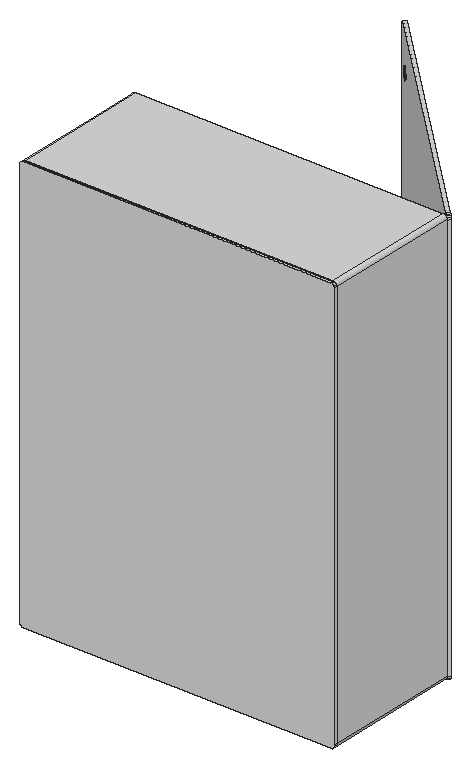
Revit family "Building-SurfaceMountingEnclosures-GEWISS-46QM-DISTRIBUTION-BOARD-METAL_BLANK_DOOR", category Attrezzatura elettrica, host Muro, Revit 2016
Family settings
  Host = Muro
  Configurazione quadro = Due colonne, circuiti in orizzontale
  Tipo di parte = Pannello comandi
  Quota connettore circolare = Usa diametro
  Numero OmniClass = 23.80.30.11.17
  Titolo OmniClass = Distribution Boards and Control Panels
  Sempre verticale = Sì
  Taglio con vuoti quando caricato = No
  Condiviso = No
  Punto di calcolo locali = Sì
Parameters (values of type "GW46037 - WT. METAL BOARD  300X250X160 WIND. DOOR")
  Vista di pianta [instance] = yes
  Version file RFA = "18.0"
  URL = "https://www.gewiss.com/ww/en"
  Type of material = "Metal"
  Type of door = "Blank door"
  Technical sheet = "https://www.gewiss.com/ww/en/search?q=GW46037"
  Struttura quadro = GEWISS - LAMIERA
  Standard. = "EN 61439-1, EN 61439-2, EN62208, EN 60670-1, IEC 60670-24"
  Standard = "EN 61439-1, EN 61439-2, EN62208, EN 60670-1, IEC 60670-24"
  Sportello visibile [instance] = yes
  Spessore quadro = 350 mm
  Simbolo [instance] = yes
  Shock resistance = "IK10"
  SEO = "Board"
  Realized by GEWISS S.p.A. = ""
  Rated impulse withstand voltage = "690V"
  Produttore = "GEWISS S.p.A."
  Potenza quadro = 0 V
  Porta = GEWISS - Pannello cieco : 2 FORI
  Pannello = GEWISS - LAMIERA
  Operating temperature = "-25 +60 °C"
  Offset etichetta nome quadro [instance] = 685.076 mm
  Nominal dim. LxHxD (mm) = "800x1060x350"
  No. of modules EN 50022: = "180 (36x5)"
  No. of modules EN 50022 = "180 (36x5)"
  No. locks = "2"
  Modello = "GW46037"
  Maximum rated insulation voltage (Ue) = "690V"
  Material = "Sheet metal from 10/10 to 15/10, painted with epoxy-polyester powders"
  Maniglia visibile [instance] = yes
  Maniglia = GEWISS - NERO
  Larghezza quadro = 800 mm
  Insulation class = "Pre-arranged with earth terminal"
  Immagine tipo = GW46031.jpg
  IP degree = "IP55"
  IFC.TypeObject = ""
  IFC.ExportType = ""
  IFC.ExportAs = ""
  IDT = "6d9352d4-07a1-4099-918e-6df1052fd717"
  IDF = "6b9134a9-f5c6-4a14-8865-2a8867cc3add"
  H_quadro = 1060 mm
  H_da terra = 500 mm
  Glow Wire Test = "650°C"
  GW - NOME QUADRO [instance] = "NOME QUADRO"
  GEWISS SCHEDA TECNICA = "http://pro.gewiss.com/irj/portal/?NavigationTarget=pcd:portal_content/com.gewiss.ZPPFDMain/com.gewiss.ZPPFDITMain/com.gewiss.ZPPFDITMainDefault/com.gewiss.ZPPFDITPages/com.gewiss.ZPPFDITPagesAP/com.gewiss.ZPPFDITPagesAPCatalogo/com.gewiss.ZPPPDITAPProductDetail&codProd=GW46037"
  Functional dim. LxHxD (mm) = "800x1060x350"
  Fast & Easy = "Yes"
  Family = "46 QM"
  Etichetta nome quadro [instance] = yes
  Electrocod = "0320"
  EAN code = "8011564096875"
  Distanza_fori = 100 mm
  Distanza orizzontale del simbolo [instance] = 887.355 mm
  Distanza dal muro [instance] = 4.208 mm
  Dispersible power B (W) = "284"
  Dispersible power A (W) = "400"
  Descrizione = "WT. METAL BOARD  300X250X160 WIND. DOOR"
  Cornice simbolo [instance] = yes
  Colour = "Grey RAL 7035"
  Classificazione carico = Other
  Catalogue Range = "46 QM"
  Catalogue = "BUILDING"
  Carico Apparente = 0 VA
  COBie.Tagnumber = ""
  COBie.CreatedOn = ""
  COBie.CreatebBy = ""
  COBie.ComponentRegisterItemID = ""
  COBie.Component.TagNumber = ""
  COBie.Component.Space = ""
  COBie.Component.SerialNumber = ""
  COBie.Component.InstallationDate = ""
  COBie.Component.Description = ""
  COBie.Component.BarCode = ""
  Bidimensionale = 2D - CEP QUADRI STAGNI GWPLAST IP55 : 2 fori
  Application = "For indoor use"
  Apertura quadro [instance] = 45.00°
  Angolo di apertura reale [instance] = if(Apertura quadro < 0.00°, 0.00°, if(Apertura quadro > 180.00°, 180.00°, Apertura quadro))  # 45.00°
Types (7, lengths in mm): name | Technical sheet | Spessore quadro | Porta | Nominal dim. LxHxD (mm) | No. of modules EN 50022: | No. of modules EN 50022 | No. locks | Modello | Material | Larghezza quadro | IDT | H_quadro | GEWISS SCHEDA TECNICA | Functional dim. LxHxD (mm) | EAN code | Dispersible power B (W) | Dispersible power A (W) | Descrizione | Bidimensionale
  GW46031 - WT. METAL BOARD  300X250X160 BLANK DOOR | "https://www.gewiss.com/ww/en/search?q=GW46031" | 160 | GEWISS - Pannello cieco : 1 FORO | "250x300x160" | "" | "" | "1" | "GW46031" | "Sheet metal from 10/10 to 15/10, painted with epoxy-polyester powders" | 250 | "7965e0a7-b1c8-4eba-b8fe-012f0fae0d4b" | 300 | "http://pro.gewiss.com/irj/portal/?NavigationTarget=pcd:portal_content/com.gewiss.ZPPFDMain/com.gewiss.ZPPFDITMain/com.gewiss.ZPPFDITMainDefault/com.gewiss.ZPPFDITPages/com.gewiss.ZPPFDITPagesAP/com.gewiss.ZPPFDITPagesAPCatalogo/com.gewiss.ZPPPDITAPProductDetail&codProd=GW46031" | "250x300x160" | "8011564096813" | "-" | "49" | "WT. METAL BOARD  300X250X160 BLANK DOOR" | 2D - CEP QUADRI STAGNI GWPLAST IP55 : 1 foro
  GW46032 - WT. METAL BOARD  310X425X160 BLANK DOOR | "https://www.gewiss.com/ww/en/search?q=GW46032" | 160 | GEWISS - Pannello cieco : 2 FORI | "310x425x160" | "36 (12x3)" | "36 (12x3)" | "2" | "GW46032" | "Sheet metal from 10/10 to 15/10, painted with epoxy-polyester powders" | 313 | "3a63fe67-9331-4b20-a786-687445963cc0" | 424 | "http://pro.gewiss.com/irj/portal/?NavigationTarget=pcd:portal_content/com.gewiss.ZPPFDMain/com.gewiss.ZPPFDITMain/com.gewiss.ZPPFDITMainDefault/com.gewiss.ZPPFDITPages/com.gewiss.ZPPFDITPagesAP/com.gewiss.ZPPFDITPagesAPCatalogo/com.gewiss.ZPPPDITAPProductDetail&codProd=GW46032" | "310x425x160" | "8011564096820" | "58" | "70" | "WT. METAL BOARD  310X425X160 BLANK DOOR" | 2D - CEP QUADRI STAGNI GWPLAST IP55 : 2 fori
  GW46033 - WT. METAL BOARD  405X500X200 BLANK DOOR | "https://www.gewiss.com/ww/en/search?q=GW46033" | 200 | GEWISS - Pannello cieco : 2 FORI | "405x500x200" | "54 (18x3)" | "54 (18x3)" | "2" | "GW46033" | "Sheet metal from 10/10 to 15/10, painted with epoxy-polyester powders" | 405 | "0b8ae83f-1f25-4f38-be6c-835699ba7796" | 500 | "http://pro.gewiss.com/irj/portal/?NavigationTarget=pcd:portal_content/com.gewiss.ZPPFDMain/com.gewiss.ZPPFDITMain/com.gewiss.ZPPFDITMainDefault/com.gewiss.ZPPFDITPages/com.gewiss.ZPPFDITPagesAP/com.gewiss.ZPPFDITPagesAPCatalogo/com.gewiss.ZPPPDITAPProductDetail&codProd=GW46033" | "405x500x200" | "8011564096837" | "80" | "106" | "WT. METAL BOARD  405X500X200 BLANK DOOR" | 2D - CEP QUADRI STAGNI GWPLAST IP55 : 2 fori
  GW46034 - WT. METAL BOARD  405X650X200 BLANK DOOR | "https://www.gewiss.com/ww/en/search?q=GW46034" | 200 | GEWISS - Pannello cieco : 2 FORI | "405x650x200" | "72 (18x4)" | "72 (18x4)" | "2" | "GW46034" | "Sheet metal from 10/10 to 15/10, painted with epoxy-polyester powders" | 405 | "4385887b-b796-42d5-8fcc-31ae71932160" | 600 | "http://pro.gewiss.com/irj/portal/?NavigationTarget=pcd:portal_content/com.gewiss.ZPPFDMain/com.gewiss.ZPPFDITMain/com.gewiss.ZPPFDITMainDefault/com.gewiss.ZPPFDITPages/com.gewiss.ZPPFDITPagesAP/com.gewiss.ZPPFDITPagesAPCatalogo/com.gewiss.ZPPPDITAPProductDetail&codProd=GW46034" | "405x650x200" | "8011564096844" | "97" | "135" | "WT. METAL BOARD  405X650X200 BLANK DOOR" | 2D - CEP QUADRI STAGNI GWPLAST IP55 : 2 fori
  GW46035 - WT. METAL BOARD  515X650X250 BLANK DOOR | "https://www.gewiss.com/ww/en/search?q=GW46035" | 250 | GEWISS - Pannello cieco : 2 FORI | "515x650x250" | "96 (24x4)" | "96 (24x4)" | "2" | "GW46035" | "Pre-arranged with earth terminal" | 515 | "0d3f7547-9a36-4516-b49a-73c71ef4960c" | 650 | "http://pro.gewiss.com/irj/portal/?NavigationTarget=pcd:portal_content/com.gewiss.ZPPFDMain/com.gewiss.ZPPFDITMain/com.gewiss.ZPPFDITMainDefault/com.gewiss.ZPPFDITPages/com.gewiss.ZPPFDITPagesAP/com.gewiss.ZPPFDITPagesAPCatalogo/com.gewiss.ZPPPDITAPProductDetail&codProd=GW46035" | "515x650x250" | "8011564096851" | "115" | "180" | "WT. METAL BOARD  515X650X250 BLANK DOOR" | 2D - CEP QUADRI STAGNI GWPLAST IP55 : 2 fori
  GW46036 - WT. METAL BOARD  585X800X300 BLANK DOOR | "https://www.gewiss.com/ww/en/search?q=GW46036" | 300 | GEWISS - Pannello cieco : 2 FORI | "585x800x300" | "140 (28x5)" | "140 (28x5)" | "2" | "GW46036" | "Sheet metal from 10/10 to 15/10, painted with epoxy-polyester powders" | 585 | "917e6349-ae0b-4624-8442-06130f2caa1d" | 800 | "http://pro.gewiss.com/irj/portal/?NavigationTarget=pcd:portal_content/com.gewiss.ZPPFDMain/com.gewiss.ZPPFDITMain/com.gewiss.ZPPFDITMainDefault/com.gewiss.ZPPFDITPages/com.gewiss.ZPPFDITPagesAP/com.gewiss.ZPPFDITPagesAPCatalogo/com.gewiss.ZPPPDITAPProductDetail&codProd=GW46036" | "585x800x300" | "8011564096868" | "159" | "240" | "WT. METAL BOARD  585X800X300 BLANK DOOR" | 2D - CEP QUADRI STAGNI GWPLAST IP55 : 2 fori
  GW46037 - WT. METAL BOARD  300X250X160 WIND. DOOR | "https://www.gewiss.com/ww/en/search?q=GW46037" | 350 | GEWISS - Pannello cieco : 2 FORI | "800x1060x350" | "180 (36x5)" | "180 (36x5)" | "2" | "GW46037" | "Sheet metal from 10/10 to 15/10, painted with epoxy-polyester powders" | 800 | "6d9352d4-07a1-4099-918e-6df1052fd717" | 1060 | "http://pro.gewiss.com/irj/portal/?NavigationTarget=pcd:portal_content/com.gewiss.ZPPFDMain/com.gewiss.ZPPFDITMain/com.gewiss.ZPPFDITMainDefault/com.gewiss.ZPPFDITPages/com.gewiss.ZPPFDITPagesAP/com.gewiss.ZPPFDITPagesAPCatalogo/com.gewiss.ZPPPDITAPProductDetail&codProd=GW46037" | "800x1060x350" | "8011564096875" | "284" | "400" | "WT. METAL BOARD  300X250X160 WIND. DOOR" | 2D - CEP QUADRI STAGNI GWPLAST IP55 : 2 fori
Reference planes
  plane 1 "Muro": y = 0
  plane 2 "Centro (Sinistra/Destra)": x = 125
  plane 3 "Indietro": y = 75
  plane 4 "SX": x = -275
  plane 5 "DX": x = 525
  plane 6: y = 431
  plane 7 "Base quadro": z = 500
  plane 8: z = 1560
  plane 9: y = 81
  plane 10: z = 1030
  plane 11: x = -1162.355
  plane 12: y = 760.076
Forms (mm)
  Extrusion 1, solid, material "GEWISS - LAMIERA" <- "Struttura quadro"
    sketch origin (0, 0, 0) x (1, 0, 0) y (0, 0, 1)
      loop
        line (515.613, 1560) -> (-265.613, 1560)
        arc (-265.613, 1560) -> (-272.251, 1557.251) -> (-275, 1550.613) r 9.387
        line (-275, 1550.613) -> (-275, 509.387)
        arc (-275, 509.387) -> (-272.251, 502.749) -> (-265.613, 500) r 9.387
        line (-265.613, 500) -> (515.613, 500)
        arc (515.613, 500) -> (522.251, 502.749) -> (525, 509.387) r 9.387
        line (525, 509.387) -> (525, 1550.613)
        arc (525, 1550.613) -> (522.251, 1557.251) -> (515.613, 1560) r 9.387
      loop
        line (499.613, 1540) -> (-249.613, 1540)
        arc (-249.613, 1540) -> (-253.422, 1538.422) -> (-255, 1534.613) r 5.387
        line (-255, 1534.613) -> (-255, 525.387)
        arc (-255, 525.387) -> (-253.422, 521.578) -> (-249.613, 520) r 5.387
        line (-249.613, 520) -> (499.613, 520)
        arc (499.613, 520) -> (503.422, 521.578) -> (505, 525.387) r 5.387
        line (505, 525.387) -> (505, 1534.613)
        arc (505, 1534.613) -> (503.422, 1538.422) -> (499.613, 1540) r 5.387
    from -431 to -81
  Extrusion 2, solid, material "GEWISS - LAMIERA" <- "Pannello"
    sketch origin (0, 0, 0) x (1, 0, 0) y (0, 0, 1)
      loop
        arc (-265.613, 1560) -> (-272.251, 1557.251) -> (-275, 1550.613) r 9.387
        line (-275, 1550.613) -> (-275, 509.387)
        arc (-275, 509.387) -> (-272.251, 502.749) -> (-265.613, 500) r 9.387
        line (-265.613, 500) -> (515.613, 500)
        arc (515.613, 500) -> (522.251, 502.749) -> (525, 509.387) r 9.387
        line (525, 509.387) -> (525, 1550.613)
        arc (525, 1550.613) -> (522.251, 1557.251) -> (515.613, 1560) r 9.387
        line (515.613, 1560) -> (-265.613, 1560)
    from -81 to -75
Lines and regions (mm)
  Masking region 1, visible <- "Vista di pianta"
    outline origin (-33, 241, 0) x (0.984808, 0.173648, 0) y (-0.173648, 0.984808, 0)
      loop
        line (520.697, -260.374) -> (582.516, 90.218) -> (-205.33, 229.136) -> (-267.149, -121.455) -> (520.697, -260.374)
  Masking region 2
    outline origin (125, 0, 0) x (0, 1, 0) y (0, 0, 1)
      loop
        line (75, 500) -> (431, 500) -> (431, 1560) -> (75, 1560) -> (75, 500)
  Masking region 3, visible <- "Vista di pianta"
    outline origin (58.192, 267.308, 0) x (0.984808, 0.173648, 0) y (-0.173648, 0.984808, 0)
      loop
        line (494.694, 84.733) -> (35.833, 740.055) -> (29.28, 735.466) -> (488.141, 80.145) -> (494.694, 84.733)
  Masking region 4, visible <- "Vista di pianta", not visible
    outline origin (-16.308, 224.308, 0) x (0.984808, 0.173648, 0) y (-0.173648, 0.984808, 0)
      loop
        line (103.699, 200.786) -> (247.093, -4.002) -> (253.646, 0.586) -> (110.252, 205.374) -> (103.699, 200.786)
  reference lines
    curve 1: line (525, 431, 0) -> (242.157, 713.843, 0)
Text (mm)
  text "Lato posizionamento" at (-2540.362, 1733.729, 0), in view "Livello rif."
  text "Lato posizionamento" at (0, 1409.804, 2854.306), in view "Sinistra"
  text "Lato posizionamento" at (0, 499.811, 2980.732), in view "Destra"
Dimensions and locks
  locked: plane 3 "Indietro" to host wall
  "H_da terra": level to plane 7 "Base quadro"
  "H_quadro": plane 7 "Base quadro" to plane 8
  locked: plane 9 to host wall at 6
  "Spessore quadro": plane 6 to plane 9
  equal spacing: plane 7 "Base quadro", plane 10, plane 8
  "Larghezza quadro": plane 4 "SX" to plane 5 "DX"
  "Distanza orizzontale del simbolo": plane 11 to plane 4 "SX"
  "Offset etichetta nome quadro": plane 12 to plane 3 "Indietro"
  equal spacing: plane 4 "SX", plane 2 "Centro (Sinistra/Destra)", plane 5 "DX"
  locked: Extrusion 1 sketch curve to Extrusion 1 sketch curve at 20  (x4)
  "Apertura quadro": angle curve 1 to plane 6
  aligned and locked: plane 1 "Muro" to host wall
  aligned and locked: plane 8 to Extrusion 1 sketch curve
  aligned and locked: plane 5 "DX" to Extrusion 1 sketch curve
  aligned and locked: Extrusion 1 sketch curve to plane 7 "Base quadro"
  aligned and locked: Extrusion 1 sketch curve to plane 4 "SX"
  aligned and locked: plane 6 to Extrusion 1
  aligned and locked: Extrusion 1 to plane 9
  aligned and locked: plane 9 to Extrusion 2
  aligned and locked: Extrusion 2 to host wall
  aligned and locked: nested 2 to plane 12
  aligned and locked: plane 11 to nested 3
  aligned and locked: Masking region 1 sketch curve to plane 6
  aligned and locked: Masking region 1 sketch curve to plane 3 "Indietro"
  aligned and locked: Masking region 1 sketch curve to plane 5 "DX"
  aligned and locked: plane 4 "SX" to Masking region 1 sketch curve
  aligned and locked: Masking region 2 sketch curve to Extrusion 2
  aligned and locked: Masking region 2 sketch curve to Extrusion 1  (x2)
  aligned and locked: nested 4 to plane 10
  aligned and locked: plane 5 "DX" to nested 4
  aligned and locked: plane 7 "Base quadro" to nested 1
  aligned and locked: plane 6 to Masking region 1  (x2)
  aligned and locked: Extrusion 2 sketch curve to Extrusion 1  (x4)
  aligned and locked: plane 2 "Centro (Sinistra/Destra)" to nested 2
  aligned and locked: plane 5 "DX" to curve 1
  aligned and locked: nested 1 to curve 1  (x2)
  aligned and locked: Masking region 3 sketch curve to nested 1
Automatic sketch dimensions
  Extrusion 1 sketch curve to Extrusion 1 sketch curve = 5.387 mm  (x3)
  Extrusion 1 sketch curve to Extrusion 1 sketch curve = 10.613 mm
  Extrusion 1 sketch curve to Extrusion 1 sketch curve = 16 mm  (x4)
  Extrusion 2 sketch curve to Extrusion 2 sketch curve = 9.387 mm  (x2)
  Extrusion 2 sketch curve to plane 5 "DX" = 9.387 mm  (x2)
  Masking region 2 sketch curve to plane 7 "Base quadro" = 0 mm
  Masking region 4 sketch curve to Masking region 4 sketch curve = 6.553 mm
  Masking region 4 sketch curve to Masking region 4 sketch curve = 143.394 mm
  Masking region 4 sketch curve to Masking region 4 sketch curve = 4.589 mm
  Masking region 3 sketch curve to plane 5 "DX" = 0 mm
  Masking region 3 sketch curve to plane 6 = 0 mm
  Masking region 3 sketch curve to Masking region 3 sketch curve = 4.589 mm
  curve 1 to plane 6 = 0 mm
Nested families
  nested 1: "GEWISS - Pannello cieco" at (242.157, 713.843, 104) x (0.7071, -0.7071, 0) z (0, 0, 1), visible <- "Sportello visibile", H_pannello <- "H_quadro", Larghezza pannello <- "Larghezza quadro", type <- "Porta", type "2 FORI"
    with Larghezza pannello 800 mm, H_pannello 1060 mm
  nested 2: "NOME QUADRO" at (125, 760.076, 0), TXT <- "GW - NOME QUADRO", visible <- "Etichetta nome quadro", type "NOME QUADRO"
    with TXT "NOME QUADRO"
  nested 3: "QUADRILAN" at (-1162.355, 75, 0), Distanza dal muro <- "Distanza dal muro", BORDO ACCESO <- "Cornice simbolo", SIMBOLO ACCESO <- "Simbolo", type "QUADRILAN"
    with SIMBOLO ACCESO yes, Distanza dal muro 4.208 mm, BORDO ACCESO yes
  nested 4: "2D - CEP QUADRI STAGNI GWPLAST IP55" at (125, 0, 1030) x (-1, 0, 0) z (0, -1, 0), Altezza <- "H_quadro", Larghezza <- "Larghezza quadro", type <- "Bidimensionale", type "2 fori"
    with Larghezza 800 mm, Altezza 1060 mm
  nested 5: "GEWISS - Pannello cieco" at (139.338, 351.662, 104) x (0.7071, -0.7071, 0) z (0, 0, 1), visible <- "Sportello visibile", H_pannello <- "H_quadro", Larghezza pannello <- "Larghezza quadro", type <- "Porta", type "2 FORI", not visible
    with Larghezza pannello 800 mm, H_pannello 1060 mm
Connectors
  electrical at (125, 256, 1560), driven by "Carico Apparente", driven by "Classificazione carico", driven by "Potenza quadro"
    settings: on Extrusion 1, index 1, voltage 0 V, apparent load 0 VA, apparent load phase1 0 VA, apparent load phase2 0 VA, apparent load phase3 0 VA, power factor 1, load classification "Other", number of poles 1, system type 31, power factor state 1, is connector primary yes, connector utility no, sub classification motor no, connector description ""
Definition of nested family "GEWISS - Pannello cieco"
  Parameters (values of type "2 FORI")
    Default Elevation = 1219.2 mm
    Pannello = none
    Maniglia = none
    Larghezza pannello [instance] = 316 mm
    H_pannello [instance] = 396 mm
    H_da terra = 396 mm
    2 FORI = yes
    1 FORO = no
  Types (3, lengths in mm): name | 2 FORI | 1 FORO
    (no name) | yes | no
    1 FORO | no | yes
    2 FORI | yes | no
  Reference planes
    plane 1 "Centro (Fronte/Retro)": y = 0
    plane 2: z = 0
    plane 3 "Centro (Sinistra/Destra)": x = 0
    plane 4: x = -158
    plane 5: x = 158
    plane 6: y = 8
    plane 7: z = 792
    plane 8: z = 396
    plane 9: z = 594
    plane 10: x = -115.8
    plane 11: z = 691.5
    plane 12: z = 508.2
  Forms (mm)
    Extrusion 1, solid, material <- "Pannello", visible <- "1 FORO"
      sketch origin (0, 0, 0) x (1, 0, 0) y (0, 0, 1)
        loop
          line (-148.613, 792) -> (-152.972, 790.92) -> (-155.581, 788.905) -> (-157.569, 785.491) -> (-158, 781.674) -> (-158, 406.326) -> (-157.277, 401.774) -> (-155.331, 398.831) -> (-152.312, 396.76) -> (-148.613, 396) -> (148.613, 396) -> (152.205, 396.714) -> (155.251, 398.749) -> (157.335, 401.918) -> (158, 406.326) -> (158, 781.674) -> (157.678, 785.136) -> (155.581, 788.905) -> (152.77, 791.023) -> (148.613, 792) -> (-148.613, 792)
        loop
          circle (-115.8, 594) r 14.644
      from -8 to 0
    Extrusion 2, solid, material <- "Maniglia", visible <- "1 FORO"
      sketch origin (0, 0, 0) x (1, 0, 0) y (0, 0, 1)
        loop
          circle (-115.8, 594) r 14.644
      from -8 to 0
    Extrusion 3, solid, material <- "Pannello", visible <- "2 FORI"
      sketch origin (0, 0, 0) x (1, 0, 0) y (0, 0, 1)
        loop
          line (-148.613, 792) -> (-152.972, 790.92) -> (-155.581, 788.905) -> (-157.569, 785.491) -> (-158, 781.674) -> (-158, 406.326) -> (-157.277, 401.774) -> (-155.331, 398.831) -> (-152.312, 396.76) -> (-148.613, 396) -> (148.613, 396) -> (152.205, 396.714) -> (155.251, 398.749) -> (157.335, 401.918) -> (158, 406.326) -> (158, 781.674) -> (157.678, 785.136) -> (155.581, 788.905) -> (152.77, 791.023) -> (148.613, 792) -> (-148.613, 792)
        loop
          circle (-115.8, 691.5) r 14.644
        loop
          circle (-115.8, 508.2) r 14.644
      from -8 to 0
    Extrusion 4, solid, material <- "Maniglia", visible <- "2 FORI"
      sketch origin (0, 0, 0) x (1, 0, 0) y (0, 0, 1)
        loop
          circle (-115.8, 691.5) r 14.644
        loop
          circle (-115.8, 508.2) r 14.644
      from -8 to 0
  Dimensions and locks
    locked: plane 1 "Centro (Fronte/Retro)" to plane 6 at 8
    "H_pannello": plane 7 to plane 8
    "H_da terra": plane 8 to plane 2
    "Larghezza pannello": plane 4 to plane 5
    equal spacing: plane 5, plane 3 "Centro (Sinistra/Destra)", plane 4
    equal spacing: plane 7, plane 9, plane 8
    locked: plane 7 to plane 11 at 100.5
    locked: plane 12 to plane 8 at 112.2
    locked: plane 10 to plane 4 at 42.2
    aligned and locked: level to plane 2
    aligned and locked: plane 6 to Extrusion 1
    aligned and locked: plane 1 "Centro (Fronte/Retro)" to Extrusion 1
    aligned and locked: plane 6 to Extrusion 2
    aligned and locked: plane 1 "Centro (Fronte/Retro)" to Extrusion 2
    aligned and locked: plane 9 to Extrusion 1 sketch curve
    aligned and locked: Extrusion 2 sketch curve to Extrusion 1
  Automatic sketch dimensions
    plane 4 to Extrusion 1 sketch curve = 0.431 mm
    plane 4 to Extrusion 1 sketch curve = 0.723 mm
    plane 4 to Extrusion 1 sketch curve = 2.419 mm
    plane 4 to Extrusion 1 sketch curve = 2.669 mm
    Extrusion 1 sketch curve to plane 7 = 1.08 mm
    Extrusion 1 sketch curve to Extrusion 1 sketch curve = 2.609 mm
    plane 8 to Extrusion 1 sketch curve = 0.76 mm
    Extrusion 1 sketch curve to Extrusion 1 sketch curve = 3.019 mm
    Extrusion 1 sketch curve to Extrusion 1 sketch curve = 4.359 mm
    Extrusion 1 sketch curve to Extrusion 1 sketch curve = 3.699 mm
    Extrusion 1 sketch curve to plane 5 = 9.387 mm  (x2)
    plane 8 to Extrusion 1 sketch curve = 0.714 mm
    Extrusion 1 sketch curve to Extrusion 1 sketch curve = 3.592 mm
    Extrusion 1 sketch curve to plane 7 = 0.977 mm
    Extrusion 1 sketch curve to Extrusion 1 sketch curve = 4.157 mm
    Extrusion 1 sketch curve to plane 5 = 2.749 mm
    Extrusion 1 sketch curve to plane 5 = 2.419 mm
    Extrusion 1 sketch curve to plane 5 = 0.665 mm
    Extrusion 1 sketch curve to plane 5 = 0.322 mm
    plane 8 to Extrusion 1 sketch curve = 2.749 mm
    plane 8 to Extrusion 1 sketch curve = 2.831 mm
    Extrusion 1 sketch curve to Extrusion 1 sketch curve = 2.944 mm
    Extrusion 1 sketch curve to Extrusion 1 sketch curve = 3.168 mm
    Extrusion 1 sketch curve to Extrusion 1 sketch curve = 4.408 mm
    Extrusion 1 sketch curve to Extrusion 1 sketch curve = 4.552 mm
    Extrusion 1 sketch curve to plane 7 = 10.326 mm  (x2)
    Extrusion 1 sketch curve to Extrusion 1 sketch curve = 3.462 mm
    Extrusion 1 sketch curve to Extrusion 1 sketch curve = 3.817 mm
    Extrusion 1 sketch curve to plane 7 = 3.095 mm  (x2)
    Extrusion 1 sketch curve to plane 4 = 0 mm
    Extrusion 1 sketch curve to plane 5 = 0 mm
    Extrusion 1 sketch curve to plane 8 = 0 mm
    Extrusion 1 sketch curve to plane 7 = 0 mm
    Extrusion 1 sketch curve to plane 10 = 0 mm
    Extrusion 1 sketch curve to Extrusion 1 sketch curve = 14.644 mm
    Extrusion 3 sketch curve to Extrusion 3 sketch curve = 0 mm  (x4)
    Extrusion 3 sketch curve to plane 4 = 0 mm
    Extrusion 3 sketch curve to plane 7 = 0 mm
    Extrusion 3 sketch curve to plane 8 = 0 mm
    Extrusion 3 sketch curve to plane 11 = 0 mm
    Extrusion 3 sketch curve to plane 12 = 0 mm
    Extrusion 3 sketch curve to plane 10 = 0 mm  (x2)
    Extrusion 3 sketch curve to plane 5 = 0 mm
    plane 4 to Extrusion 3 sketch curve = 0.431 mm
    plane 4 to Extrusion 3 sketch curve = 0.723 mm
    plane 4 to Extrusion 3 sketch curve = 2.419 mm
    plane 4 to Extrusion 3 sketch curve = 2.669 mm
    Extrusion 3 sketch curve to plane 7 = 1.08 mm
    Extrusion 3 sketch curve to Extrusion 3 sketch curve = 2.609 mm
    plane 8 to Extrusion 3 sketch curve = 0.76 mm
    Extrusion 3 sketch curve to Extrusion 3 sketch curve = 3.019 mm
    Extrusion 3 sketch curve to Extrusion 3 sketch curve = 4.359 mm
    Extrusion 3 sketch curve to Extrusion 3 sketch curve = 3.699 mm
    Extrusion 3 sketch curve to plane 5 = 9.387 mm  (x2)
    plane 8 to Extrusion 3 sketch curve = 0.714 mm
    Extrusion 3 sketch curve to Extrusion 3 sketch curve = 3.592 mm
    Extrusion 3 sketch curve to plane 7 = 0.977 mm
    Extrusion 3 sketch curve to Extrusion 3 sketch curve = 4.157 mm
    Extrusion 3 sketch curve to plane 5 = 2.749 mm
    Extrusion 3 sketch curve to plane 5 = 2.419 mm
    Extrusion 3 sketch curve to plane 5 = 0.665 mm
    Extrusion 3 sketch curve to plane 5 = 0.322 mm
    plane 8 to Extrusion 3 sketch curve = 2.749 mm
    plane 8 to Extrusion 3 sketch curve = 2.831 mm
    Extrusion 3 sketch curve to Extrusion 3 sketch curve = 2.944 mm
    Extrusion 3 sketch curve to Extrusion 3 sketch curve = 3.168 mm
    Extrusion 3 sketch curve to Extrusion 3 sketch curve = 4.552 mm
    Extrusion 3 sketch curve to Extrusion 3 sketch curve = 4.408 mm
    Extrusion 3 sketch curve to plane 7 = 10.326 mm  (x2)
    Extrusion 3 sketch curve to Extrusion 3 sketch curve = 3.462 mm
    Extrusion 3 sketch curve to Extrusion 3 sketch curve = 3.817 mm
    Extrusion 3 sketch curve to plane 7 = 3.095 mm  (x2)
    Extrusion 3 sketch curve to Extrusion 3 sketch curve = 14.644 mm  (x2)
    Extrusion 4 sketch curve to plane 10 = 0 mm  (x2)
    Extrusion 4 sketch curve to plane 12 = 0 mm
    Extrusion 4 sketch curve to plane 11 = 0 mm
    radius of Extrusion 4 sketch curve = 14.644 mm  (x2)
Definition of nested family "NOME QUADRO"
  Parameters (values of type "NOME QUADRO")
    TXT [instance] = ""
  Reference planes
    plane 1: y = 0
    plane 2: x = 0
  Text (mm)
    label "NOME QUADRO" at (0.217, 0.029, 0), shows "TXT"
Definition of nested family "QUADRILAN"
  Parameters (values of type "QUADRILAN")
    SIMBOLO ACCESO [instance] = yes
    Distanza dal muro [instance] = 4.208 mm
    BORDO ACCESO [instance] = yes
  Reference planes
    plane 1: y = 0
    plane 2: x = 0
  Dimensions and locks
    "Distanza dal muro": plane 1 to nested 1
    aligned and locked: plane 2 to nested 1
  Nested families
    nested 1: "QUADRILAN_BASE" at (0, 4.208, 0), BORDO ACCESO <- "BORDO ACCESO", visible <- "SIMBOLO ACCESO", type "QUADRILAN"
      with BORDO ACCESO yes
  Definition of nested family "QUADRILAN_BASE"
    Parameters (values of type "QUADRILAN")
      Distanza dal muro = 4.208 mm
      BORDO ACCESO [instance] = yes
    Reference planes
      plane 1: y = 0
      plane 2: x = 0
    Lines and regions (mm)
      detail lines, visible <- "BORDO ACCESO"
        curve 1: line (-2, 2.5, 0) -> (2, 2.5, 0)
        curve 2: line (2, 2.5, 0) -> (2, 0, 0)
        curve 3: line (2, 0, 0) -> (-2, 0, 0)
        curve 4: line (-2, 0, 0) -> (-2, 2.5, 0)
        curve 5: line (-1.9, 2.4, 0) -> (1.9, 2.4, 0)
        curve 6: line (1.9, 2.4, 0) -> (1.9, 0.1, 0)
        curve 7: line (1.9, 0.1, 0) -> (-1.9, 0.1, 0)
        curve 8: line (-1.9, 0.1, 0) -> (-1.9, 2.4, 0)
      detail lines, visible <- "BORDO ACCESO", not visible
        curve 9: line (-2.443, 10.208, 0) -> (2.057, 10.208, 0)
        curve 10: line (2.057, 10.208, 0) -> (2.057, 4.208, 0)
        curve 11: line (2.057, 4.208, 0) -> (-2.443, 4.208, 0)
        curve 12: line (-2.443, 4.208, 0) -> (-2.443, 10.208, 0)
        curve 13: line (-2.043, 9.808, 0) -> (1.657, 9.808, 0)
        curve 14: line (1.657, 9.808, 0) -> (1.657, 4.608, 0)
        curve 15: line (1.657, 4.608, 0) -> (-2.043, 4.608, 0)
        curve 16: line (-2.043, 4.608, 0) -> (-2.043, 9.808, 0)
      detail lines
        curve 17: line (1.731, 0.358, 0) -> (-1.731, 2.088, 0)
        curve 18: line (-1.731, 2.088, 0) -> (-0.201, 2.088, 0)
        curve 19: line (-0.201, 2.088, 0) -> (1.731, 2.088, 0)
        curve 20: line (1.731, 2.088, 0) -> (1.731, 0.358, 0)
        curve 21: line (1.731, 0.358, 0) -> (-1.731, 0.358, 0)
        curve 22: line (-1.731, 0.358, 0) -> (-1.731, 2.088, 0)
    Dimensions and locks
      aligned and locked: curve 3 to plane 1
Definition of nested family "2D - CEP QUADRI STAGNI GWPLAST IP55"
  Parameters (values of type "1 foro")
    Larghezza [instance] = 396 mm
    Altezza [instance] = 474 mm
    2 fori = no
    1 foro = yes
  Types (2, lengths in mm): name | 2 fori | 1 foro
    1 foro | no | yes
    2 fori | yes | no
  Reference planes
    plane 1 "Centro (Fronte/Retro)": y = 0
    plane 2: z = 0
    plane 3 "Centro (Sinistra/Destra)": x = 0
    plane 4: x = -198
    plane 5: x = 198
    plane 6: y = 237
    plane 7: y = -237
  Lines and regions (mm)
    model lines, in view "Livello rif.", visible <- "2 fori", detail levels medium+fine
      curve 1: circle (155.757, -136.483, 0) r 14.644 normal (0, 0, 1)
      curve 2: circle (155.757, -136.483, 0) r 11.828 normal (0, 0, 1)
      curve 3: circle (155.757, -136.483, 0) r 7.04 normal (0, 0, 1)
      curve 4: circle (155.757, 124.834, 0) r 11.828 normal (0, 0, 1)
      curve 5: circle (155.757, 124.834, 0) r 14.644 normal (0, 0, 1)
      curve 6: circle (155.757, 124.834, 0) r 7.04 normal (0, 0, 1)
    model lines, in view "Livello rif."
      curve 7: line (-188.613, -237, 0) -> (-192.172, -236.299, 0)
      curve 8: line (-192.172, -236.299, 0) -> (-195.251, -234.251, 0)
      curve 9: line (-195.251, -234.251, 0) -> (-197.445, -230.793, 0)
      curve 10: line (-197.445, -230.793, 0) -> (-198, -227.613, 0)
      curve 11: line (-198, -227.613, 0) -> (-198, 226.674, 0)
      curve 13: line (198, 226.674, 0) -> (198, -227.613, 0)
      curve 14: line (198, -227.613, 0) -> (197.281, -231.215, 0)
      curve 15: line (197.281, -231.215, 0) -> (195.251, -234.251, 0)
      curve 16: line (195.251, -234.251, 0) -> (192.25, -236.267, 0)
      curve 17: line (192.25, -236.267, 0) -> (188.613, -237, 0)
      curve 18: line (188.613, -237, 0) -> (-188.613, -237, 0)
      curve 20: line (-198, 226.674, 0) -> (-198, 227.613, 0)
      curve 21: line (-198, 227.613, 0) -> (-197.339, 231.072, 0)
      curve 22: line (-197.339, 231.072, 0) -> (-195.362, 234.137, 0)
      curve 23: line (-195.362, 234.137, 0) -> (-192.869, 235.98, 0)
      curve 24: line (-192.869, 235.98, 0) -> (-188.613, 237, 0)
      curve 25: line (-188.613, 237, 0) -> (188.613, 237, 0)
      curve 26: line (188.613, 237, 0) -> (192.796, 236.016, 0)
      curve 27: line (192.796, 236.016, 0) -> (195.251, 234.251, 0)
      curve 28: line (195.251, 234.251, 0) -> (197.047, 231.734, 0)
      curve 29: line (197.047, 231.734, 0) -> (198, 227.613, 0)
      curve 30: line (198, 227.613, 0) -> (198, 226.674, 0)
    model lines, in view "Livello rif.", detail levels medium+fine
      curve 12: line (-198, 226.674, 0) -> (198, 226.674, 0)
      curve 19: line (198, -226.674, 0) -> (-198, -226.674, 0)
    detail lines, in view "Livello rif.", visible <- "1 foro", detail levels medium+fine
      curve 31: circle (155.757, 0, 0) r 11.828 normal (0, 0, 1)
      curve 32: circle (155.757, 0, 0) r 14.644 normal (0, 0, 1)
      curve 33: circle (155.757, 0, 0) r 7.04 normal (0, 0, 1)
  Dimensions and locks
    equal spacing: plane 6, plane 1 "Centro (Fronte/Retro)", plane 7
    "Altezza": plane 6 to plane 7
    equal spacing: plane 4, plane 3 "Centro (Sinistra/Destra)", plane 5
    "Larghezza": plane 4 to plane 5
    locked: curve 6 to plane 5 at 42.243
    locked: plane 6 to curve 5 at 112.166
    locked: curve 1 to plane 7 at 100.517
    curve 2 to plane 5 = 42.243 mm
    locked: curve 31 to plane 5 at 42.243
    aligned and locked: curve 25 to plane 6
    aligned and locked: plane 7 to curve 18
    aligned and locked: curve 13 to plane 5
    aligned and locked: plane 4 to curve 11
  Automatic sketch dimensions
    curve 1 to curve 2 = 0 mm  (x2)
    curve 1 to curve 3 = 0 mm  (x2)
    curve 4 to curve 5 = 0 mm  (x2)
    curve 4 to curve 6 = 0 mm  (x2)
    curve 31 to curve 32 = 0 mm  (x3)
    curve 32 to curve 33 = 0 mm  (x3)
    plane 4 to curve 10 = 0.555 mm
    plane 4 to curve 22 = 0.661 mm
    plane 4 to curve 22 = 2.638 mm
    plane 4 to curve 9 = 2.749 mm
    curve 23 to plane 6 = 1.02 mm
    curve 22 to curve 23 = 2.493 mm
    plane 7 to curve 8 = 0.701 mm
    curve 8 to curve 8 = 3.078 mm
    curve 7 to curve 18 = 3.56 mm
    curve 23 to curve 24 = 4.256 mm
    curve 26 to plane 5 = 9.387 mm
    curve 17 to plane 5 = 9.387 mm
    plane 7 to curve 16 = 0.733 mm
    curve 17 to curve 16 = 3.637 mm
    curve 26 to plane 6 = 0.984 mm
    curve 25 to curve 26 = 4.183 mm
    curve 28 to plane 5 = 2.749 mm
    curve 15 to plane 5 = 2.749 mm
    curve 28 to plane 5 = 0.953 mm
    curve 14 to plane 5 = 0.719 mm
    plane 7 to curve 15 = 2.749 mm
    plane 7 to curve 8 = 2.749 mm
    curve 15 to curve 15 = 3.036 mm
    curve 8 to curve 9 = 3.458 mm
    curve 9 to curve 11 = 3.18 mm
    curve 14 to curve 13 = 3.602 mm
    curve 20 to plane 6 = 10.326 mm
    curve 12 to curve 29 = 0.939 mm
    curve 11 to curve 21 = 0.939 mm
    curve 20 to curve 22 = 3.46 mm
    curve 29 to curve 28 = 4.121 mm
    curve 22 to plane 6 = 2.863 mm
    curve 27 to plane 6 = 2.749 mm
    curve 13 to curve 19 = 0.939 mm
    curve 31 to curve 33 = 0 mm
    plane 1 "Centro (Fronte/Retro)" to curve 33 = 0 mm
    radius of curve 1 = 14.644 mm
    radius of curve 2 = 11.828 mm
    radius of curve 3 = 7.04 mm
    radius of curve 4 = 11.828 mm
    radius of curve 5 = 14.644 mm
    radius of curve 6 = 7.04 mm
    radius of curve 31 = 11.828 mm
    radius of curve 32 = 14.644 mm
    radius of curve 33 = 7.04 mm
